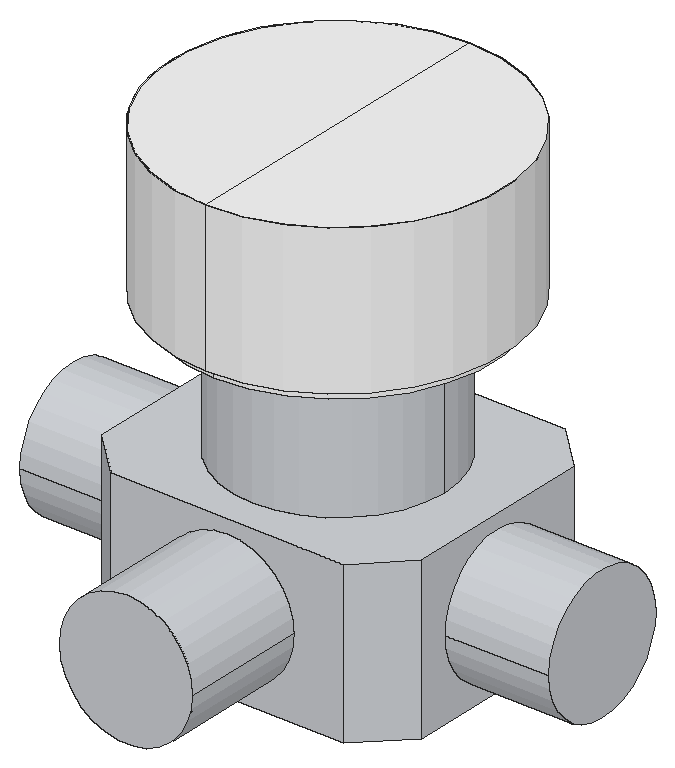
Revit family "Reece_Tap_Milli_Pure_Shower or Bath Mixer_Progressive_Wall Mount_Cirque Texture", category Plumbing Fixtures, host Face, Revit 2018
Family settings
  Host = Face
  Round Connector Dimension = Use Diameter
  Part Type = Normal
  Cut with Voids When Loaded = No
  Shared = Yes
  Room Calculation Point = Yes
Parameters (values of type "Chrome")
  WFU = 0  # constant formula
  URL = "https://www.reece.com.au/product/-2224554"
  Type Comments = "Tap"
  Reece_Tap_Inlet = 12 mm  # constant formula
  Reece_Product_Web Page = "https://www.reece.com.au/product/-2224554"
  Reece_Product_Type = "Tap"  # constant formula
  Reece_Product_Sub Brand = "Pure"  # constant formula
  Reece_Product_Number = "2224554"
  Reece_Product_Mount = "Wall Mounted"
  Reece_Product_Description = "Milli Pure Progressive Shower / Bath Mixer Tap with Cirque Textured Handle Chrome"
  Reece_Product_Brand = "Milli"  # constant formula
  Reece_Overall_Width = 62 mm  # constant formula
  Reece_Overall_Height = 30 mm  # constant formula
  Reece_Material_Secondary = Reece_Brass_Chrome_Cirque Pattern
  Reece_Material-Main = Reece_Brass_Chrome
  Reece_Detail_Tap_Handle Texture = "Cirque Texture"  # constant formula
  Reece_Detail_Installation = ""
  Reece_Detail_Disclaimer = "THIS FILE IS THE PROPERTY OF THE REECE GROUP. IT MAY NOT BE REPRODUCED, REVERSE-ENGINEERED OR MODIFIED. ANY REPUBLICATION, TRANSMISSION OR DISTRIBUTION FOR THE PURPOSE OF COMMERCIALLY EXPLOITING THE FILES IS PROHIBITED."  # constant formula
  Reece_Detail_Connector = ""
  Reece_Detail_Additional = ""
  Reece_3D Texture = no
  Reece_3D Simplified Geometry = not(Reece_3D Texture)  # yes
  Model = "Pure"
  Manufacturer = "Milli"
  Keynote = "Product #2224554, Reece_Tap_Milli_Pure_Shower or Bath Mixer_Progressive_Wall Mount_Cirque Texture - Chrome"
  HWFU = 0  # constant formula
  Disclaimer = "THIS FILE IS THE PROPERTY OF THE REECE GROUP. IT MAY NOT BE REPRODUCED, REVERSE-ENGINEERED OR MODIFIED. ANY REPUBLICATION, TRANSMISSION OR DISTRIBUTION FOR THE PURPOSE OF COMMERCIALLY EXPLOITING THE FILES IS PROHIBITED."  # constant formula
  Description = "Milli Pure Progressive Shower / Bath Mixer Tap with Cirque Textured Handle Chrome"
  Default Elevation = 1000 mm
  CWFU = 0  # constant formula
Types (7, lengths in mm): name | URL | Reece_Product_Web Page | Reece_Product_Number | Reece_Product_Description | Reece_Material_Secondary | Reece_Material-Main | Keynote | Description
  (no name) | "https://www.reece.com.au/product/-2224556" | "https://www.reece.com.au/product/-2224556" | "2224556" | "Milli Pure Progressive Shower / Bath Mixer Tap with Cirque Textured Handle Brushed Gunmetal" | Reece_Brass_Brushed Gunmetal_Cirque Pattern | Reece_Brass_Brushed Gunmetal | "Product #2224556, Reece_Tap_Milli_Pure_Shower or Bath Mixer_Progressive_Wall Mount_Cirque Texture -  " | "Milli Pure Progressive Shower / Bath Mixer Tap with Cirque Textured Handle Brushed Gunmetal"
  Brushed Gunmetal | "https://www.reece.com.au/product/-2224556" | "https://www.reece.com.au/product/-2224556" | "2224556" | "Milli Pure Progressive Shower / Bath Mixer Tap with Cirque Textured Handle Brushed Gunmetal" | Reece_Brass_Brushed Gunmetal_Cirque Pattern | Reece_Brass_Brushed Gunmetal | "Product #2224556, Reece_Tap_Milli_Pure_Shower or Bath Mixer_Progressive_Wall Mount_Cirque Texture - Brushed Gunmetal" | "Milli Pure Progressive Shower / Bath Mixer Tap with Cirque Textured Handle Brushed Gunmetal"
  Chrome | "https://www.reece.com.au/product/-2224554" | "https://www.reece.com.au/product/-2224554" | "2224554" | "Milli Pure Progressive Shower / Bath Mixer Tap with Cirque Textured Handle Chrome" | Reece_Brass_Chrome_Cirque Pattern | Reece_Brass_Chrome | "Product #2224554, Reece_Tap_Milli_Pure_Shower or Bath Mixer_Progressive_Wall Mount_Cirque Texture - Chrome" | "Milli Pure Progressive Shower / Bath Mixer Tap with Cirque Textured Handle Chrome"
  Matte Black | "https://www.reece.com.au/product/-2224557" | "https://www.reece.com.au/product/-2224557" | "2224557" | "Milli Pure Progressive Shower / Bath Mixer Tap with Cirque Textured Handle Matte Black" | Reece_Brass_Matte Black_Cirque Pattern | Reece_Brass_Matte Black | "Product #2224557, Reece_Tap_Milli_Pure_Shower or Bath Mixer_Progressive_Wall Mount_Cirque Texture - Matte Black" | "Milli Pure Progressive Shower / Bath Mixer Tap with Cirque Textured Handle Matte Black"
  Brushed Nickel | "https://www.reece.com.au/product/-2224555" | "https://www.reece.com.au/product/-2224555" | "2224555" | "Milli Pure Progressive Shower / Bath Mixer Tap with Cirque Textured Handle Brushed Nickel" | Reece_Brass_Brushed Nickel_Cirque Pattern | Reece_Brass_Brushed Nickel | "Product #2224555, Reece_Tap_Milli_Pure_Shower or Bath Mixer_Progressive_Wall Mount_Cirque Texture - Brushed Nickel" | "Milli Pure Progressive Shower / Bath Mixer Tap with Cirque Textured Handle Brushed Nickel"
  PVD Brushed Bronze | "https://www.reece.com.au/product/-9510991" | "https://www.reece.com.au/product/-9510991" | "9510991" | "Milli Pure Progressive Shower / Bath Mixer Tap with Cirque Textured Handle PVD Brushed Bronze" | Reece_PVD_Brushed Bronze_Cirque Pattern | Reece_PVD_Brushed Bronze | "Product #9510991, Reece_Tap_Milli_Pure_Shower or Bath Mixer_Progressive_Wall Mount_Cirque Texture - PVD Brushed Bronze" | "Milli Pure Progressive Shower / Bath Mixer Tap with Cirque Textured Handle PVD Brushed Bronze"
  PVD Brushed Gold | "https://www.reece.com.au/product/-9510806" | "https://www.reece.com.au/product/-9510806" | "9510806" | "Milli Pure Progressive Shower / Bath Mixer Tap with Cirque Textured Handle PVD Brushed Gold" | Reece_PVD_Brushed Gold_Cirque Pattern | Reece_PVD_Brushed Gold | "Product #9510806, Reece_Tap_Milli_Pure_Shower or Bath Mixer_Progressive_Wall Mount_Cirque Texture - PVD Brushed Gold" | "Milli Pure Progressive Shower / Bath Mixer Tap with Cirque Textured Handle PVD Brushed Gold"
Reference planes
  plane 1 "Center (Front/Back)": y = 0
  plane 2 "Bottom": z = 0
  plane 3 "Center (Left/Right)": x = 0
  plane 4 "Top": z = 30
  plane 5: y = -31
  plane 6: y = 31
Forms (mm)
  Extrusion 1, solid
    sketch origin (-50, 0, 0) x (1, 0, 0) y (0, 1, 0)
      loop
        circle (50, 0) r 20
    from 0 to -25
  Extrusion 2, solid
    sketch origin (-16.5, 50, 0) x (0, -1, 0) y (0, 0, 1)
      loop
        circle (50, -40) r 12.5
    from -66.119 to -46.5
  Extrusion 3, void
    sketch origin (50, 0, 0) x (-1, 0, 0) y (0, -1, 0)
      loop
        circle (50, 0) r 25
    from 0 to -30
  Extrusion 4, solid
    sketch origin (16.5, 50, 0) x (0, -1, 0) y (0, 0, -1)
      loop
        circle (50, 40) r 12.5
    from -66.119 to -46.5
  Extrusion 5, solid
    sketch origin (-50, 0, 0) x (1, 0, 0) y (0, 1, 0)
      loop
        line (28.147, 26) -> (20, 17.853) -> (20, -17.853) -> (28.147, -26) -> (71.853, -26) -> (80, -17.853) -> (80, 17.853) -> (71.853, 26) -> (28.147, 26)
    from -55 to -25
  Extrusion 6, solid
    sketch origin (-50, 16.5, 0) x (1, 0, 0) y (0, 0, -1)
      loop
        circle (50, 40) r 12.5
    from -66.119 to -42.5
Cuts and joins
  Extrusion 3 cuts Extrusion 2
  joined: Extrusion 1, Extrusion 2, Extrusion 4, Extrusion 5, Extrusion 6
Text (mm)
  text "Reece Copyright © 2018, Reece Ltd." at (-1146.244, -273.583, 0), in view "Ref. Level"
  text "Reece ©" at (44.384, 258.95, 192.345), in view "Reece Preview"
Dimensions and locks
  "Reece_Overall_Width": plane 6 to plane 5
  "Reece_Overall_Height": plane 4 "Top" to plane 2 "Bottom"
  equal spacing: plane 6, plane 1 "Center (Front/Back)", plane 5
  aligned and locked: plane 2 "Bottom" to host face
  aligned and locked: level to host face
Automatic sketch dimensions
  host sketch curve to host sketch curve = 380.785 mm
  host sketch curve to host sketch curve = 317.421 mm
  Extrusion 1 sketch curve to Extrusion 1 sketch curve = 0 mm  (x2)
  plane 1 "Center (Front/Back)" to Extrusion 1 sketch curve = 0 mm
  Extrusion 1 sketch curve to plane 3 "Center (Left/Right)" = 0 mm
  Extrusion 1 sketch curve to Extrusion 1 sketch curve = 20 mm
  Extrusion 2 sketch curve to plane 1 "Center (Front/Back)" = 0 mm
  Extrusion 2 sketch curve to level = 40 mm
  Extrusion 3 sketch curve to Extrusion 3 sketch curve = 0 mm  (x2)
  plane 1 "Center (Front/Back)" to Extrusion 3 sketch curve = 0 mm
  Extrusion 3 sketch curve to plane 3 "Center (Left/Right)" = 0 mm
  Extrusion 3 sketch curve to plane 3 "Center (Left/Right)" = 25 mm
  Extrusion 4 sketch curve to plane 1 "Center (Front/Back)" = 0 mm
  Extrusion 4 sketch curve to level = 40 mm
  Extrusion 5 sketch curve to plane 5 = 13.147 mm
  Extrusion 5 sketch curve to plane 3 "Center (Left/Right)" = 30 mm
  Extrusion 5 sketch curve to plane 6 = 5 mm
  Extrusion 5 sketch curve to Extrusion 5 sketch curve = 8.147 mm  (x6)
  Extrusion 5 sketch curve to plane 5 = 5 mm
  plane 3 "Center (Left/Right)" to Extrusion 5 sketch curve = 21.853 mm  (x2)
  Extrusion 6 sketch curve to plane 3 "Center (Left/Right)" = 0 mm
  Extrusion 6 sketch curve to level = 40 mm
  radius of Extrusion 2 sketch curve = 12.5 mm
  radius of Extrusion 4 sketch curve = 12.5 mm
  radius of Extrusion 6 sketch curve = 12.5 mm
Nested families
  nested 1: "Reece_Tap_Milli_Pure_Diverter_Cirque Texture_Cap" at (0, 0, 0), visible <- "Reece_3D Texture", Reece_Material-Main <- "Reece_Material-Main", Reece_Material_Secondary <- "Reece_Material_Secondary", type "62mm x 30mm"
    with Reece_Material_Secondary Reece_Brass_Chrome_Cirque Pattern, Reece_Material-Main Reece_Brass_Chrome
  nested 2: "Reece_Tap_Milli_Pure_Diverter_Texture_Main_Nested" at (0, 0, 0), visible <- "Reece_3D Simplified Geometry", Reece_Material-Main <- "Reece_Material-Main", Reece_Material_Secondary <- "Reece_Material_Secondary", type "62mm x 30mm"
    with Reece_Material_Secondary Reece_Brass_Chrome_Cirque Pattern, Reece_Material-Main Reece_Brass_Chrome
Connectors
  piping at (49.619, 0, -40), diameter 12, driven by "Reece_Tap_Inlet"
    settings: on cut or joined group of Extrusion 1, Extrusion 2, Extrusion 3, Extrusion 4, Extrusion 5, Extrusion 6, index 2, connector inside diameter 609.6 mm, connector length 0 mm, flow factor 0, pipe flow 0.0 L/s, pressure drop 0.0 Pa, fitting loss kfactor 0, connector angle 0.00°, fixture units 0, engagement length 0 mm, angle of deflection 0.00°, flow configuration 0, flow direction 2, fitting loss method 0, system type 29, joint type 0, gender type 0, connector reference index -1, connector utility 0, adjustable connector no, is connector primary yes, connector description ""
  piping at (-49.619, 0, -40), diameter 12, driven by "Reece_Tap_Inlet"
    settings: on Extrusion 4, index 3, connector inside diameter 609.6 mm, connector length 0 mm, flow factor 0, pipe flow 0.0 L/s, pressure drop 0.0 Pa, fitting loss kfactor 0, connector angle 0.00°, fixture units 0, engagement length 0 mm, angle of deflection 0.00°, flow configuration 0, flow direction 2, fitting loss method 0, system type 29, joint type 0, gender type 0, connector reference index -1, connector utility 0, adjustable connector no, is connector primary no, connector description ""
  piping at (0, -49.619, -40), diameter 12, driven by "Reece_Tap_Inlet"
    settings: on Extrusion 6, index 5, connector inside diameter 609.6 mm, connector length 0 mm, flow factor 0, pipe flow 0.0 L/s, pressure drop 0.0 Pa, fitting loss kfactor 0, connector angle 0.00°, fixture units 0, engagement length 0 mm, angle of deflection 0.00°, flow configuration 0, flow direction 1, fitting loss method 0, system type 29, joint type 0, gender type 0, connector reference index -1, connector utility 0, adjustable connector no, is connector primary no, connector description ""
Definition of nested family "Reece_Tap_Milli_Pure_Diverter_Cirque Texture_Cap"
  Parameters (values of type "60mm x 28mm")
    WFU = 0  # constant formula
    Reece_Overall_Length = 60 mm
    Reece_Overall_Height = 28 mm
    Reece_Material_Secondary [instance] = none
    Reece_Material-Main [instance] = none
    Reece_Detail_Installation = ""
    Reece_Detail_Connector = ""
    Reece_Detail_Additional = ""
    HWFU = 0  # constant formula
    Default Elevation = 1000 mm
    CWFU = 0  # constant formula
  Types (4, lengths in mm): name | Reece_Overall_Length | Reece_Overall_Height
    (no name) | 60 | 28
    54mm x 30mm | 54 | 30
    62mm x 30mm | 62 | 30
    60mm x 28mm | 60 | 28
  Reference planes
    plane 1 "Center (Front/Back)": y = 0
    plane 2 "Bottom": z = 0
    plane 3 "Center (Left/Right)": x = 0
    plane 4: y = -30
    plane 5: y = 30
    plane 6: z = 28
    plane 7: y = 28
    plane 8: z = 26.097
  Forms (mm)
    Extrusion 1, solid
      sketch origin (619.2, -619.2, 0) x (1, 0, 0) y (0, 1, 0)
        loop
          line (-809.2, 779.2) -> (-809.2, 461.779) -> (-428.415, 461.779) -> (-428.415, 779.2) -> (-809.2, 779.2)
      from 0 to -9.564
    Revolve 2, solid, material <- "Reece_Material-Main"
      sketch origin (0, 0, -140.292) x (0, 1, 0) y (0, 0, 1)
        loop
          line (0, 168.292) -> (-30, 168.292) -> (-30, 166.388)
          arc (-30, 166.388) -> (-29.55, 165.938) -> (-30, 165.488) r 0.45
          line (-30, 165.488) -> (-30, 164.322)
          arc (-30, 164.322) -> (-29.55, 163.872) -> (-30, 163.422) r 0.45
          line (-30, 163.422) -> (-30, 162.503)
          arc (-30, 162.503) -> (-29.55, 162.053) -> (-30, 161.603) r 0.45
          line (-30, 161.603) -> (-30, 160.603)
          arc (-30, 160.603) -> (-29.55, 160.153) -> (-30, 159.703) r 0.45
          line (-30, 159.703) -> (-30, 158.703)
          arc (-30, 158.703) -> (-29.55, 158.253) -> (-30, 157.803) r 0.45
          line (-30, 157.803) -> (-30, 156.926)
          arc (-30, 156.926) -> (-29.55, 156.476) -> (-30, 156.026) r 0.45
          line (-30, 156.026) -> (-30, 154.891)
          arc (-30, 154.891) -> (-29.55, 154.441) -> (-30, 153.991) r 0.45
          line (-30, 153.991) -> (-30, 153.011)
          arc (-30, 153.011) -> (-29.55, 152.561) -> (-30, 152.111) r 0.45
          line (-30, 152.111) -> (-30, 151.103)
          arc (-30, 151.103) -> (-29.55, 150.653) -> (-30, 150.203) r 0.45
          line (-30, 150.203) -> (-30, 149.092)
          arc (-30, 149.092) -> (-29.55, 148.642) -> (-30, 148.192) r 0.45
          line (-30, 148.192) -> (-30, 147.192)
          arc (-30, 147.192) -> (-29.55, 146.742) -> (-30, 146.292) r 0.45
          line (-30, 146.292) -> (-30, 142.292) -> (-28, 142.292) -> (-28, 140.292) -> (-26, 140.292) -> (-26, 164.803) -> (0, 164.803) -> (0, 168.292)
        axis (0, 140.292) -> (0, 168.292)
      angle from 0 to 360
  Text (mm)
    text "Reece Copyright © 2018, Reece Ltd." at (-1403.988, -1192.393, 0), in view "Ref. Level"
    text "Reece ©" at (44.384, 258.95, 192.345), in view "Reece Preview"
  Dimensions and locks
    equal spacing: plane 5, plane 1 "Center (Front/Back)", plane 4
    "Reece_Overall_Length": plane 5 to plane 4
    "Reece_Overall_Height": plane 6 to plane 2 "Bottom"
    locked: plane 5 to plane 7 at 2
    locked: plane 8 to plane 6 at 1.903
    aligned and locked: plane 2 "Bottom" to Extrusion 1
    aligned and locked: level to Extrusion 1
    aligned and locked: plane 6 to Revolve 2 sketch curve  (x2)
    aligned and locked: plane 8 to Revolve 2 sketch curve
  Automatic sketch dimensions
    Extrusion 1 sketch curve to Extrusion 1 sketch curve = 380.785 mm
    Extrusion 1 sketch curve to Extrusion 1 sketch curve = 317.421 mm
    Revolve 2 sketch curve to plane 4 = 0 mm
    level to Revolve 2 sketch curve = 0 mm
    Revolve 2 sketch curve to plane 1 "Center (Front/Back)" = 0 mm  (x2)
    level to Revolve 2 sketch curve = 2 mm
    Revolve 2 sketch curve to Revolve 2 sketch curve = 0.45 mm  (x11)
    Revolve 2 sketch curve to Revolve 2 sketch curve = 1 mm  (x3)
    Revolve 2 sketch curve to Revolve 2 sketch curve = 1.111 mm
    Revolve 2 sketch curve to Revolve 2 sketch curve = 1.458 mm
    Revolve 2 sketch curve to Revolve 2 sketch curve = 0.979 mm
    Revolve 2 sketch curve to Revolve 2 sketch curve = 1.135 mm
    Revolve 2 sketch curve to Revolve 2 sketch curve = 0.877 mm
    Revolve 2 sketch curve to Revolve 2 sketch curve = 0.919 mm
    Revolve 2 sketch curve to plane 6 = 3.489 mm
    Revolve 2 sketch curve to Revolve 2 sketch curve = 1.166 mm
    Revolve 2 sketch curve to Revolve 2 sketch curve = 17.996 mm
    Revolve 2 sketch curve to Revolve 2 sketch curve = 3.712 mm
    plane 4 to Revolve 2 sketch curve = 2 mm
    plane 4 to Revolve 2 sketch curve = 4 mm
Definition of nested family "Reece_Tap_Milli_Pure_Diverter_Texture_Main_Nested"
  Parameters (values of type "54mm x 30mm")
    WFU = 0  # constant formula
    Reece_Overall_Width = 54 mm
    Reece_Overall_Height = 30 mm
    Reece_Material_Secondary [instance] = none
    Reece_Material-Main [instance] = none
    Reece_Detail_Installation = ""
    Reece_Detail_Connector = ""
    Reece_Detail_Additional = ""
    HWFU = 0  # constant formula
    Default Elevation = 1000 mm
    CWFU = 0  # constant formula
  Types (3, lengths in mm): name | Reece_Overall_Width | Reece_Overall_Height
    62mm x 30mm | 62 | 30
    60mm x 28mm | 60 | 28
    54mm x 30mm | 54 | 30
  Reference planes
    plane 1 "Center (Front/Back)": y = 0
    plane 2 "Bottom": z = 0
    plane 3 "Center (Left/Right)": x = 0
    plane 4: y = -27
    plane 5: y = 27
    plane 6: z = 30
    plane 7: y = -25
    plane 8: y = 25
    plane 9: z = 16
    plane 10: z = 2
  Forms (mm)
    Extrusion 1, solid
      sketch origin (619.2, -619.2, 0) x (1, 0, 0) y (0, 1, 0)
        loop
          line (-809.2, 779.2) -> (-809.2, 461.779) -> (-428.415, 461.779) -> (-428.415, 779.2) -> (-809.2, 779.2)
      from 0 to -9.564
    Revolve 2, solid, material <- "Reece_Material_Secondary"
      sketch origin (0, 50, 0) x (0, -1, 0) y (0, 0, 1)
        loop
          line (50, 0) -> (75, 0) -> (75, 2) -> (77, 2) -> (77, 30) -> (75, 28) -> (50, 28) -> (50, 0)
        axis (50, 0) -> (50, 30)
      angle from 0 to 360
    Revolve 3, solid, material <- "Reece_Material-Main"
      sketch origin (0, 50, 0) x (0, -1, 0) y (0, 0, 1)
        loop
          line (77, 30) -> (50, 30) -> (50, 28) -> (75, 28) -> (77, 30)
        axis (50, 28) -> (50, 30)
      angle from 0 to 360
  Text (mm)
    text "Reece Copyright © 2018, Reece Ltd." at (-1403.988, -1192.393, 0), in view "Ref. Level"
    text "Reece ©" at (44.384, 258.95, 192.345), in view "Reece Preview"
  Dimensions and locks
    equal spacing: plane 5, plane 1 "Center (Front/Back)", plane 4
    "Reece_Overall_Width": plane 5 to plane 4
    "Reece_Overall_Height": plane 6 to plane 2 "Bottom"
    locked: plane 7 to plane 4 at 2
    locked: plane 5 to plane 8 at 2
    equal spacing: plane 6, plane 9, plane 10
    locked: plane 10 to plane 2 "Bottom" at 2
    aligned and locked: plane 2 "Bottom" to Extrusion 1
    aligned and locked: level to Extrusion 1
    aligned and locked: plane 7 to Revolve 2 sketch curve
  Automatic sketch dimensions
    Extrusion 1 sketch curve to Extrusion 1 sketch curve = 380.785 mm
    Extrusion 1 sketch curve to Extrusion 1 sketch curve = 317.421 mm
    Revolve 2 sketch curve to plane 1 "Center (Front/Back)" = 0 mm  (x2)
    Revolve 2 sketch curve to level = 0 mm
    Revolve 2 sketch curve to plane 7 = 0 mm
    Revolve 2 sketch curve to plane 4 = 0 mm
    Revolve 2 sketch curve to plane 6 = 0 mm  (x2)
    level to Revolve 2 sketch curve = 2 mm
    Revolve 2 sketch curve to plane 6 = 2 mm
    Revolve 2 sketch curve to Revolve 2 sketch curve = 10 mm
    Revolve 3 sketch curve to plane 1 "Center (Front/Back)" = 0 mm  (x2)
    Revolve 3 sketch curve to plane 7 = 0 mm
    Revolve 3 sketch curve to plane 4 = 0 mm
    Revolve 3 sketch curve to plane 6 = 0 mm  (x2)
    Revolve 3 sketch curve to plane 6 = 2 mm
    Revolve 3 sketch curve to Revolve 3 sketch curve = 10 mm
